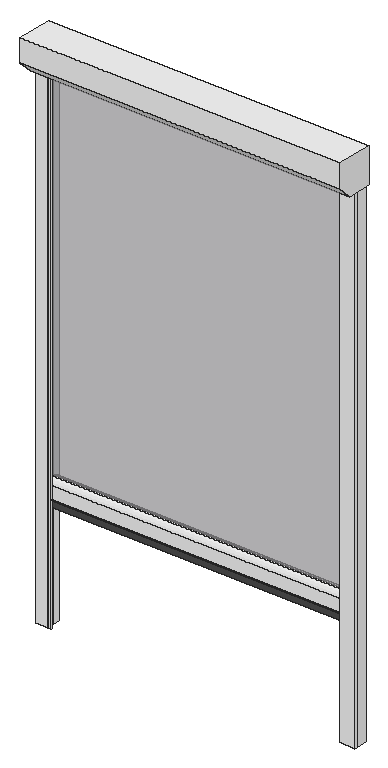
Revit family "Wall_Mount-Screen-Sliding-Phantom_Screens-Motorized_Overhead_Surface_Mounted-01-CS", category Specialty Equipment, Revit 2017 (continued)
Definition of nested family "Nested-Detail-Phantom_Screens-Motorized-Overhead-Side_Track_Surface_Mount"
  Dimensions and locks (in)
    plane 7 "Bottom" to Masking region 2 sketch curve to Masking region 2 sketch curve to Masking region 2 sketch curve to Masking region 2 sketch curve = 0' - 0.05512" locked, 0' - 0.10112" locked, 0' - 0.04488" locked, 0' - 0.28801" locked
    plane 7 "Bottom" to Masking region 2 sketch curve to Masking region 2 sketch curve to Masking region 2 sketch curve to Masking region 2 sketch curve to Masking region 2 sketch curve = 0' - 0" locked, 0' - 0.05512" locked, 0' - 0.10112" locked, 0' - 0.04473" locked, 0' - 0.28801" locked
    locked: Masking region 1 sketch curve to Masking region 1 sketch curve at 0.0727
    plane 5 "Left" to Masking region 4 sketch curve to Masking region 4 sketch curve to Masking region 4 sketch curve = 0' - 0.36218" locked, 0' - 1.89986" locked, 0' - 0.06129" locked
    Masking region 4 sketch curve to plane 6 "Top" to Masking region 4 sketch curve to Masking region 4 sketch curve = 0' - 0.06129" locked, 0' - 0" locked, 0' - 0.91929" locked
    "Width": plane 5 "Left" to plane 8 "Right"
    "Height": plane 9 to plane 7 "Bottom"
    "Int Diameter": radius of Masking region 1 sketch curve
    "Ext Diameter": radius of Masking region 1 sketch curve
    aligned and locked: Masking region 3 sketch curve to plane 5 "Left"
    aligned and locked: Masking region 3 sketch curve to Masking region 2
    aligned and locked: Masking region 3 sketch curve to plane 9
    aligned and locked: Masking region 3 sketch curve to plane 8 "Right"
  Automatic sketch dimensions
    Masking region 1 sketch curve to Masking region 1 sketch curve = 0' - 0"  (x2)
    Masking region 1 sketch curve to Masking region 1 sketch curve = 0' - 0.03634"
    Masking region 1 sketch curve to plane 1 "Center (Front/Back)" = 0' - 0.00036"
    Masking region 1 sketch curve to Masking region 1 sketch curve = 0' - 0.03858"
    Masking region 1 sketch curve to plane 7 "Bottom" = 0' - 0 13/64"  (x2)
Types (3): name | Type Comments | Track Height | Thickness | Surface Mounted | Slide Bar Height | Roller Radius | Inside Jamb | Min Width | Max Width | Max Height | Housing Height | Height Opening | Brush Pile | 5 1/2 in Housing | 7 1/8 in Housing | 4 in Housing | 3/4 in Brush Pile | 3 in Bottom Seal
  7 1/8 in Housing Surface Mount | "7 1/8 in Housing Surface Mount" | 0' - 1 29/32" | 0' - 7 1/8" | no | 0' - 3 15/64" | 0' - 2 1/2" | yes | 2' - 9" | 25' - 0" | 16' - 0" | 0' - 7 1/8" | 4' - 4 7/8" | no | no | yes | no | no | yes
  5 1/2 in Housing Surface Mount | "5 1/2 in Housing Surface Mount" | 0' - 1 29/32" | 0' - 5 1/2" | no | 0' - 3 1/16" | 0' - 2" | yes | 2' - 9" | 20' - 0" | 11' - 0" | 0' - 5 1/2" | 4' - 6 1/2" | yes | yes | no | no | yes | no
  4 in Housing Surface Mount | "4 in Housing Surface Mount" | 0' - 1 85/256" | 0' - 4" | yes | 0' - 3 1/16" | 0' - 1 1/4" | no | 2' - 2" | 10' - 0" | 8' - 0" | 0' - 4" | 4' - 8" | yes | no | no | yes | yes | no
